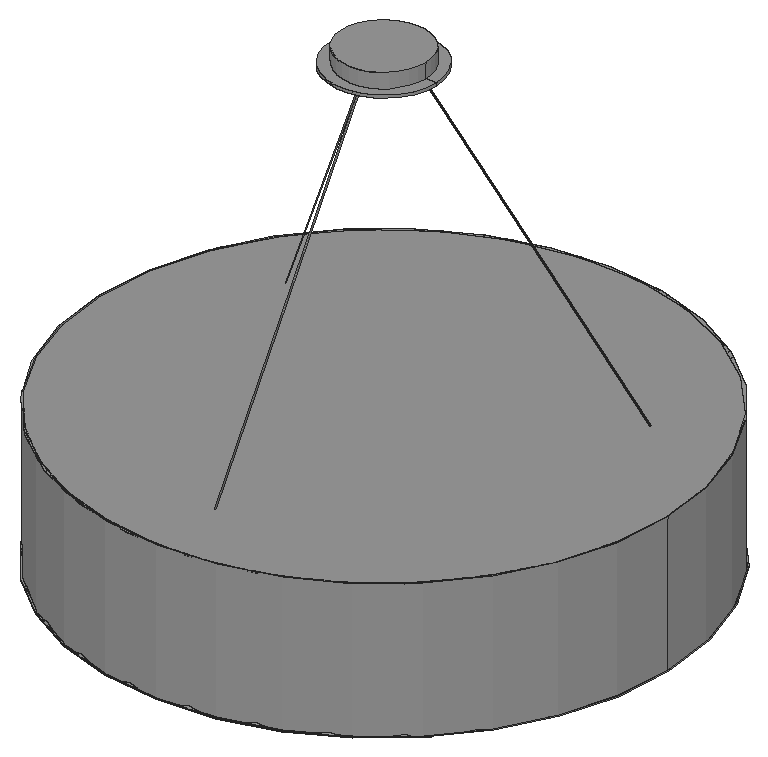
Revit family "Artemide_Tagora_Suspended_970", category Lighting Fixtures, Revit 2018
Family settings
  Round Connector Dimension = Use Diameter
  Part Type = Normal
  Work Plane-Based = Yes
  Always vertical = Yes
  Cut with Voids When Loaded = No
  Light Source = Yes
  Shared = No
  Room Calculation Point = No
Parameters (values of type "Tagora_Suspended_970_DirectEmission_Dimmable_Beige/White_M248921")
  Wattage = 84 W
  built-in parameter 1150110 = 1 (stored number, unit not read)
  Voltage = "-"
  built-in parameter 1114217 = 1 (stored number, unit not read)
  Tilt Angle = 90.00°
  built-in parameter 1150109 = 1 (stored number, unit not read)
  built-in parameter 1150134 = 12
  built-in parameter 1150113 = 1 (stored number, unit not read)
  Radius_InternalCylinder = Radius_ExternalCyilinder - 2 mm  # 483 mm
  Radius_ExternalCyilinder = 485 mm
  Product Range = "Tagora"
  Photometric Web File = "M248921.IES"
  Max Height from ceiling = 2000 mm
  M_HousingCylinder = Artemide_Aluminum_Beige
  M_Housing = Artemide_Aluminum_White
  M_Fixings = Artemide_Aluminum_Anodized
  M_Diffuser = Artemide_Glass_LightBulb
  built-in parameter 1150105 = 511.3 (stored number, unit not read)
  Lumens = 6425.16 lm
  built-in parameter 1150115 = 1 (stored number, unit not read)
  built-in parameter 1150137 = (empty or 0)
  built-in parameter 1150139 = (empty or 0)
  built-in parameter 1150112 = 1 (stored number, unit not read)
  built-in parameter 1150114 = 1 (stored number, unit not read)
  built-in parameter 1150132 = (empty or 0)
  built-in parameter 1150102 = (empty or 0)
  built-in parameter 1150107 = 4000 (stored number, unit not read)
  built-in parameter 1150138 = (empty or 0)
  built-in parameter 1150106 = 5.113 (stored number, unit not read)
  IfcExportType = "NOT DEFINED"  # constant formula
  IfcExportAs = "IfcLightFixtureType"  # constant formula
  Weekly = "-"
  Warranty ID = "https://cloud.artemide.com/5-years-warranty"
  Upward Component  = 0
  Unified Glare Rating  = "-"
  Uniclass 2015 = "Pr_70_70_48"  # constant formula
  URL to O&M Manual = "https://www.artemide.com/contents/documenti/prodotto/tagora_sospensione_970_instructions2534993.pdf"
  URL to Energy Technology List = "-"
  Trim Material = "-"
  Trim Finish = "-"
  Trim Colour  = "-"
  Total Power = 0
  Total Light Output  = 0
  Testing method = "-"
  Supply Phase = 0
  Suitable for Photocell Control = "-"
  Suitable for Motion Detector Control = "N"
  Suitable for Dimming  = "Y"
  Suitable Dimmer Type = "DALI"
  Standards = "-"
  Shipping Weight = 0
  Service life  = "-"
  Secondary Rated Lamp Life = 0
  Secondary Lamp Voltage = 0
  Secondary Lamp International Type Code = "-"
  Secondary Lamp Initial Lumens  = 0
  Secondary Lamp Included = "-"
  Secondary Lamp Efficacy = 0
  Secondary Lamp Colour Temperature = 0
  Secondary Lamp Colour Rendering Index = 0
  Secondary Lamp Cap = "-"
  Secondary Lamp = "-"
  Responsible Sourcing of Materials = "-"
  Responsible Extraction of Materials = "-"
  Reflector Material = "-"
  Reflector Finish = "-"
  Rated Lamp Life = 50000
  Quarterly = "-"
  Product Model Number = "M248921"
  Product Literature = "https://www.artemide.com/en/subfamily/1688096/tagora-suspension-970"
  Primary Lamp Type = "LED"
  Power Supply Kit = "-"
  Power Factor = 0
  Photocell = "-"
  Overall Width = 0
  Overall Light Output Ratio = 0
  Overall Length = 970
  Overall Height = 230
  Output Lumens Indirect light = 0
  Output Lumens Direct light = 6425
  Number of Secondary Lamps = 0
  Number of Primary Lamps = 1
  Number of Poles = 0
  Motion Sensor = "-"
  Motion Detector = "-"
  Monthly = "-"
  Minimum Operating Temperature = 0
  Maximum Operating Temperature = 0
  Material Ingredient Reporting = "-"
  Manufacturer Website = "https://www.artemide.com"
  Manufacturer = "Artemide"
  Maintenance Required: 8001-12000hrs  = "-"
  Maintenance Required: 601-1000hrs = "-"
  Maintenance Required: 4001-8000hrs  = "-"
  Maintenance Required: 301-600hrs  = "-"
  Maintenance Required: 2001-4000hrs  = "-"
  Maintenance Required: 1001-2000hrs  = "-"
  Maintenance Required: 0-300hrs  = "-"
  Luminance at 65deg Angle = 0
  Luminaire Type = "Pendant"
  Luminaire Maintenance Factor = 0
  Luminaire Cleaning Interval  = "-"
  Louvre/Lens = "-"
  Location of Manufacturer = "-"
  Light Output Pattern = "-"
  Light Fixture Mounting Type = "Suspended"
  Life Cycle Analysis = "-"
  Lamp Survival Factor = "-"
  Lamp Replacement Interval = "-"
  Lamp Included = "Y"
  Lamp Holder Material = "-"
  Lamp Cap = "LED Integrated"
  LED lifetime = 50000
  LED Maintained Colour Variation         = 0
  LED Initial Colour Variation                      = 0
  International Type Code = "-"
  Intended Market = "Unset"
  Integral Fuse or Circuit Protection  = "-"
  Integral Emergency Lighting Battery Type = "-"
  Input Lumens Indirect light = 0
  Input Lumens Direct light = 11898.8
  Initial Lumens = 6425
  Infills = "-"
  IP Rating = "IP20"
  IK Rating = "-"
  IES Files  = "https://www.artemide.com/product/downloadFile/1731152/ieseu/4887765"
  Housing Material = "Aluminium"
  Housing Finish  = "Painted"
  Housing Colour  = "Beige/White"
  Hazardous Area Protection Type = "-"
  Hazardous Area Category = "-"
  Gross Weight = 21
  Green Guide for Specification = "-"
  Gasket Material = "-"
  Frequency  = 0
  Fixings = "-"
  Fixing Material = "-"
  Fire Shroud = "-"
  Fire Rating Duration = 0
  Fire Rated Temperature = 0
  Fire Rated = "-"
  Features = "Any additional components/accessories included in this file are required to complete the product/configuration and must be ordered separately.Please check the catalogue/dedicated brochure for more information"
  Face Width = 0
  Face Shape = "Cylindrical"
  Face Length = 0
  External Control Line Voltage = 0
  Expected Life = "-"
  Environmental Product Declaration = "-"
  End Caps/Transition Caps/Joints = "-"
  Emit from Circle Diameter = 878.4 mm
  Emit Shape Visible in Rendering = no
  Emergency light output percentage = 0
  Emergency Lighting Battery = "-"
  Emergency Charging Power       = 0
  Emergency = "N"
  Embodied Carbon  = 0
  Efficiency = 54
  built-in parameter 1150104 = 7.1062 (stored number, unit not read)
  Earth Point  = "-"
  ENEC Certification of European conformity = "N"
  Duration of Integral Emergency Lighting  = 0
  Drive Current                                          = 0
  Downward Component = 0
  Distance_LampFromCeilingMax [instance] = if(Distance_LampFromCeiling < Max Height from ceiling, Distance_LampFromCeiling, Max Height from ceiling)  # 550.4 mm
  Distance_LampFromCeiling [instance] = 550.4 mm
  Distance_HeightLamp = 235 mm
  Dimming Lamp Color Temperature Shift = <None>
  Diffusing screen = "-"
  Diffuser Material  = "-"
  Diffuser Finish = "-"
  Designed by = "S./R. Cornelissen"
  Default Elevation = 1219.2 mm
  Daylight Sensor = "-"
  Daily = "-"
  Cut Out Width = 0
  Cut Out Length = 0
  Current  = 0
  Control Gear Type = "-"
  Control Gear Standby Power  = 0
  Control Gear Required = "-"
  Control Gear Location = "-"
  Column = "-"
  Colour Temperature = 4000
  Colour Rendering Index = 80
  Color Filter = 16777215
  Cable Material = "-"
  CE Approval = "Y"
  Bespoke Timeframe = "-"
  Beam Angle Transverse Axis  = 0.00°
  Beam Angle Longditudinal Axis  = 0.00°
  Basis of lifetime luminaire failures        = 0
  Basis of lifetime lumen depreciation   = 0
  built-in parameter 1114218 = 1 (stored number, unit not read)
  built-in parameter 1150133 = 10 (stored number, unit not read)
  Application Environment = "Internal"
  Annually = "-"
  Ambient Temperature                             = 0
  Air Handling = "-"
  Access Clearance Top = 0
  Access Clearance Right = 0
  Access Clearance Rear = 0
  Access Clearance Left = 0
  Access Clearance Front = 0
  Access Clearance Bottom = 0
  6 Monthly = "-"
Types (20, lengths in mm): name | Wattage | built-in parameter 1150134 | Photometric Web File | M_HousingCylinder | M_Housing | built-in parameter 1150105 | Lumens | built-in parameter 1150107 | built-in parameter 1150106 | Product Model Number | Output Lumens Direct light | Input Lumens Direct light | Initial Lumens | IES Files  | Housing Colour  | Efficiency | built-in parameter 1150104 | Colour Temperature
  Tagora_Suspended_970_DirectEmission_Dimmable_Beige/White_M248821 | 84 W | (empty or 0) | "M248821.IES" | Artemide_Aluminum_Beige | Artemide_Aluminum_White | 511.3 (stored number, unit not read) | 6425.16 lm | 3000 (stored number, unit not read) | 5.113 (stored number, unit not read) | "M248821" | 6425 | 11898.8 | 6425 | "https://www.artemide.com/product/downloadFile/1730646/ieseu/4887826" | "Beige/White" | 54 | 7.1062 (stored number, unit not read) | 3000
  Tagora_Suspended_970_DirectEmission_Dimmable_Beige/White_M248921 | 84 W | 12 | "M248921.IES" | Artemide_Aluminum_Beige | Artemide_Aluminum_White | 511.3 (stored number, unit not read) | 6425.16 lm | 4000 (stored number, unit not read) | 5.113 (stored number, unit not read) | "M248921" | 6425 | 11898.8 | 6425 | "https://www.artemide.com/product/downloadFile/1731152/ieseu/4887765" | "Beige/White" | 54 | 7.1062 (stored number, unit not read) | 4000
  Tagora_Suspended_970_Direct+IndirectEmission_Dimmable_Beige/White_M250821 | 95 W | (empty or 0) | "M250821.IES" | Artemide_Aluminum_Beige | Artemide_Aluminum_White | 632.61 (stored number, unit not read) | 7949.6 lm | 3000 (stored number, unit not read) | 6.3261 (stored number, unit not read) | "M250821" | 7950 | 15288 | 7950 | "https://www.artemide.com/product/downloadFile/1731555/ieseu/4887630" | "Beige/White" | 52 | 7.7741 (stored number, unit not read) | 3000
  Tagora_Suspended_970_Direct+IndirectEmission_Dimmable_Beige/White_M250921 | 95 W | 12 | "M250921.IES" | Artemide_Aluminum_Beige | Artemide_Aluminum_White | 632.61 (stored number, unit not read) | 7949.6 lm | 4000 (stored number, unit not read) | 6.3261 (stored number, unit not read) | "M250921" | 7950 | 15288 | 7950 | "https://www.artemide.com/product/downloadFile/1732044/ieseu/4887638" | "Beige/White" | 52 | 7.7741 (stored number, unit not read) | 4000
  Tagora_Suspended_970_DirectEmission_Dimmable_Grey/White_M248961 | 84 W | 12 | "M248961.IES" | Artemide_Aluminum_Grey | Artemide_Aluminum_White | 511.3 (stored number, unit not read) | 6425.16 lm | 4000 (stored number, unit not read) | 5.113 (stored number, unit not read) | "M248961" | 6425 | 11898.8 | 6425 | "https://www.artemide.com/product/downloadFile/1731018/ieseu/4887671" | "Grey/White" | 54 | 7.1062 (stored number, unit not read) | 4000
  Tagora_Suspended_970_DirectEmission_Dimmable_Grey/White_M248861 | 84 W | (empty or 0) | "M248861.IES" | Artemide_Aluminum_Grey | Artemide_Aluminum_White | 511.3 (stored number, unit not read) | 6425.16 lm | 3000 (stored number, unit not read) | 5.113 (stored number, unit not read) | "M248861" | 6425 | 11898.8 | 6425 | "https://www.artemide.com/product/downloadFile/1731421/ieseu/4887625" | "Grey/White" | 54 | 7.1062 (stored number, unit not read) | 3000
  Tagora_Suspended_970_Direct+IndirectEmission_Dimmable_Grey/White_M250861 | 95 W | (empty or 0) | "M250861.IES" | Artemide_Aluminum_Grey | Artemide_Aluminum_White | 632.61 (stored number, unit not read) | 7949.6 lm | 3000 (stored number, unit not read) | 6.3261 (stored number, unit not read) | "M250861" | 7950 | 15288 | 7950 | "https://www.artemide.com/product/downloadFile/1730512/ieseu/4887628" | "Grey/White" | 52 | 7.7741 (stored number, unit not read) | 3000
  Tagora_Suspended_970_Direct+IndirectEmission_Dimmable_Grey/White_M250961 | 95 W | 12 | "M250961.IES" | Artemide_Aluminum_Grey | Artemide_Aluminum_White | 632.61 (stored number, unit not read) | 7949.6 lm | 4000 (stored number, unit not read) | 6.3261 (stored number, unit not read) | "M250961" | 7950 | 15288 | 7950 | "https://www.artemide.com/product/downloadFile/1731910/ieseu/4887878" | "Grey/White" | 52 | 7.7741 (stored number, unit not read) | 4000
  Tagora_Suspended_970_DirectEmission_Dimmable_Black/Orange_M248811 | 84 W | (empty or 0) | "M248811.IES" | Artemide_Aluminum_Black | Artemide_Aluminum_Orange | 511.3 (stored number, unit not read) | 6425.16 lm | 3000 (stored number, unit not read) | 5.113 (stored number, unit not read) | "M248811" | 6425 | 11898.8 | 6425 | "https://www.artemide.com/product/downloadFile/1730290/ieseu/4887613" | "Black/Orange" | 54 | 7.1062 (stored number, unit not read) | 3000
  Tagora_Suspended_970_DirectEmission_Dimmable_Black/Orange_M248911 | 84 W | 12 | "M248911.IES" | Artemide_Aluminum_Black | Artemide_Aluminum_Orange | 511.3 (stored number, unit not read) | 6425.16 lm | 4000 (stored number, unit not read) | 5.113 (stored number, unit not read) | "M248911" | 6425 | 11898.8 | 6425 | "https://www.artemide.com/product/downloadFile/1730884/ieseu/4887731" | "Black/Orange" | 54 | 7.1062 (stored number, unit not read) | 4000
  Tagora_Suspended_970_Direct+IndirectEmission_Dimmable_Black/Orange_M250811 | 95 W | (empty or 0) | "M250811.IES" | Artemide_Aluminum_Black | Artemide_Aluminum_Orange | 632.61 (stored number, unit not read) | 7949.6 lm | 3000 (stored number, unit not read) | 6.3261 (stored number, unit not read) | "M250811" | 7950 | 15288 | 7950 | "https://www.artemide.com/product/downloadFile/1731286/ieseu/4887960" | "Black/Orange" | 52 | 7.7741 (stored number, unit not read) | 3000
  Tagora_Suspended_970_Direct+IndirectEmission_Dimmable_Black/Orange_M250911 | 95 W | 12 | "M250911.IES" | Artemide_Aluminum_Black | Artemide_Aluminum_Orange | 632.61 (stored number, unit not read) | 7949.6 lm | 4000 (stored number, unit not read) | 6.3261 (stored number, unit not read) | "M250911" | 7950 | 15288 | 7950 | "https://www.artemide.com/product/downloadFile/1731776/ieseu/4887760" | "Black/Orange" | 52 | 7.7741 (stored number, unit not read) | 4000
  Tagora_Suspended_970_DirectEmission_Dimmable_Black/Blue_M248831 | 84 W | (empty or 0) | "M248831.IES" | Artemide_Aluminum_Black | Artemide_Aluminum_Blue | 511.3 (stored number, unit not read) | 6425.16 lm | 3000 (stored number, unit not read) | 5.113 (stored number, unit not read) | "M248831" | 6425 | 11898.8 | 6425 | "https://www.artemide.com/product/downloadFile/2533184/ieseu/4887679" | "Black/Blue" | 54 | 7.1062 (stored number, unit not read) | 3000
  Tagora_Suspended_970_DirectEmission_Dimmable_Black/Blue_M248931 | 84 W | 12 | "M248931.IES" | Artemide_Aluminum_Black | Artemide_Aluminum_Blue | 511.3 (stored number, unit not read) | 6425.16 lm | 4000 (stored number, unit not read) | 5.113 (stored number, unit not read) | "M248931" | 6425 | 11898.8 | 6425 | "https://www.artemide.com/product/downloadFile/2534836/ieseu/4887786" | "Black/Blue" | 54 | 7.1062 (stored number, unit not read) | 4000
  Tagora_Suspended_970_Direct+IndirectEmission_Dimmable_Black/Blue_M250831 | 95 W | (empty or 0) | "M250831.IES" | Artemide_Aluminum_Black | Artemide_Aluminum_Blue | 632.61 (stored number, unit not read) | 7949.6 lm | 3000 (stored number, unit not read) | 6.3261 (stored number, unit not read) | "M250831" | 7950 | 15288 | 7950 | "https://www.artemide.com/product/downloadFile/2535348/ieseu/4887780" | "Black/Blue" | 52 | 7.7741 (stored number, unit not read) | 3000
  Tagora_Suspended_970_Direct+IndirectEmission_Dimmable_Black/Blue_M250931 | 95 W | 12 | "M250931.IES" | Artemide_Aluminum_Black | Artemide_Aluminum_Blue | 632.61 (stored number, unit not read) | 7949.6 lm | 4000 (stored number, unit not read) | 6.3261 (stored number, unit not read) | "M250931" | 7950 | 15288 | 7950 | "https://www.artemide.com/product/downloadFile/2535722/ieseu/4887918" | "Black/Blue" | 52 | 7.7741 (stored number, unit not read) | 4000
  Tagora_Suspended_970_DirectEmission_Dimmable_Black/Green_M248841 | 84 W | (empty or 0) | "M248841.IES" | Artemide_Aluminum_Black | Artemide_Aluminum_Green | 511.3 (stored number, unit not read) | 6425.16 lm | 3000 (stored number, unit not read) | 5.113 (stored number, unit not read) | "M248841" | 6425 | 11898.8 | 6425 | "https://www.artemide.com/product/downloadFile/2533000/ieseu/4887772" | "Black/Green" | 54 | 7.1062 (stored number, unit not read) | 3000
  Tagora_Suspended_970_DirectEmission_Dimmable_Black/Green_M248941 | 84 W | 12 | "M248941.IES" | Artemide_Aluminum_Black | Artemide_Aluminum_Green | 511.3 (stored number, unit not read) | 6425.16 lm | 4000 (stored number, unit not read) | 5.113 (stored number, unit not read) | "M248941" | 6425 | 11898.8 | 6425 | "https://www.artemide.com/product/downloadFile/2534662/ieseu/4887819" | "Black/Green" | 54 | 7.1062 (stored number, unit not read) | 4000
  Tagora_Suspended_970_Direct+IndirectEmission_Dimmable_Black/Green_M250841 | 95 W | (empty or 0) | "M250841.IES" | Artemide_Aluminum_Black | Artemide_Aluminum_Green | 632.61 (stored number, unit not read) | 7949.6 lm | 3000 (stored number, unit not read) | 6.3261 (stored number, unit not read) | "M250841" | 7950 | 15288 | 7950 | "https://www.artemide.com/product/downloadFile/2535034/ieseu/4887677" | "Black/Green" | 52 | 7.7741 (stored number, unit not read) | 3000
  Tagora_Suspended_970_Direct+IndirectEmission_Dimmable_Black/Green_M250941 | 95 W | 12 | "M250941.IES" | Artemide_Aluminum_Black | Artemide_Aluminum_Green | 632.61 (stored number, unit not read) | 7949.6 lm | 4000 (stored number, unit not read) | 6.3261 (stored number, unit not read) | "M250941" | 7950 | 15288 | 7950 | "https://www.artemide.com/product/downloadFile/2535536/ieseu/4887589" | "Black/Green" | 52 | 7.7741 (stored number, unit not read) | 4000
Reference planes
  plane 1 "Center (Front/Back)": y = 0
  plane 2 "Top Fixings": z = 0
  plane 3 "Center (Left/Right)": x = 0
  plane 4 "Bottom Internal Cone": z = -783.9
  plane 5: z = -687.4
  plane 6: z = -662.503
  plane 7 "Top Internal Cone": z = -641.9
  plane 8 "Center L/T": z = -661.235
  plane 9 "Bottom Lamp": z = -785.4
  plane 10 "Light": z = -674.713
  plane 11 "Middle Fixings": z = -24.501
  plane 12: z = -690.4
  plane 13 "Bottom Fixings": z = -45.852
  plane 14 "Top Lamp": z = -550.4
  plane 15 "Center L/Y": z = -552.4
  plane 16 "Center L/Z": z = -40.812
  plane 17: y = -50.491
  plane 18: y = -359.463
Forms (mm)
  Extrusion 1, solid, material "Artemide_Aluminum_Beige" <- "M_HousingCylinder"
    sketch origin (0, 0, 0) x (1, 0, 0) y (0, 1, 0)
      loop
        circle (0, 0) r 485
      loop
        circle (0, 0) r 483
    from -783.9 to -550.4
  Extrusion 2, solid, material "Artemide_Aluminum_Beige" <- "M_HousingCylinder"
    sketch origin (0, 0, 0) x (1, 0, 0) y (0, 1, 0)
      loop
        circle (0, 0) r 483
    from -552.4 to -550.4
  Revolve 3, solid, material "Artemide_Aluminum_White" <- "M_Housing"
    sketch origin (0, 0, -680) x (1, 0, 0) y (0, 0, 1)
      loop
        line (-427.411, 38.1) -> (-427.411, 17.497) -> (0, 17.497) -> (0, 18.765) -> (-425.911, 18.765) -> (-425.911, 38.1) -> (-427.411, 38.1)
      axis (0, 38.1) -> (0, 17.497)
    angle from 0 to 360
  Revolve 4, solid, material "Artemide_Aluminum_White" <- "M_Housing"
    sketch origin (0, 0, -680) x (1, 0, 0) y (0, 0, 1)
      loop
        line (-427.411, 18.765) -> (-484.611, -103.9) -> (-486.5, -103.9) -> (-486.5, -105.4) -> (-483.545, -105.4) -> (-425.646, 18.765) -> (-427.411, 18.765)
      axis (0, 18.765) -> (0, -105.4)
    angle from 0 to 360
  Revolve 5, solid, material "Artemide_Glass_LightBulb" <- "M_Diffuser"
    sketch origin (0, 0, -680) x (1, 0, 0) y (0, 0, 1)
      loop
        line (0, -7.4) -> (-437.816, -7.4) -> (-439.215, -10.4) -> (0, -10.4) -> (0, -7.4)
      axis (0, -7.4) -> (0, -10.4)
    angle from 0 to 360
  Extrusion 6, solid, material "Artemide_Aluminum_Anodized" <- "M_Fixings"
    sketch origin (0, 0, 0) x (1, 0, 0) y (0, 1, 0)
      loop
        circle (0, 0) r 71.65
    from -24.501 to 0
  Revolve 7, solid, material "Artemide_Aluminum_Anodized" <- "M_Fixings"
    sketch origin (0, 0, 0) x (1, 0, 0) y (0, 0, 1)
      loop
        line (-90, -24.501) -> (-89.921, -29.046)
        arc (-89.921, -29.046) -> (-45.76, -41.729) -> (0, -45.852) r 242.38
        line (0, -45.852) -> (0, -24.501) -> (-90, -24.501)
      axis (0, -24.501) -> (0, -45.852)
    angle from 0 to 360
  Sweep 8, solid, material "Artemide_Aluminum_Anodized" <- "M_Fixings"
    path origin (0, 0, 0) x (0, 1, 0) y (0, 0, 1)
      loop
        line (-50.491, -40.812) -> (-359.463, -550.4)
    profile origin (0, -204.977, -295.606) x (0, 0.8551, -0.518462) y (1, 0, 0)
      loop
        circle (0, 0) r 0.4
  Sweep 9, solid, material "Artemide_Aluminum_Anodized" <- "M_Fixings"
    path origin (0, 0, 0) x (-0.866025, -0.5, 0) y (0, 0, 1)
      loop
        line (-50.491, -40.812) -> (-359.463, -550.4)
    profile origin (177.515, 102.488, -295.606) x (-0.740539, -0.42755, -0.518462) y (-0.5, 0.866025, 0)
      loop
        circle (0, 0) r 0.4
  Sweep 10, solid, material "Artemide_Aluminum_Anodized" <- "M_Fixings"
    path origin (0, 0, 0) x (0.866025, -0.5, 0) y (0, 0, -1)
      loop
        line (-50.491, 40.812) -> (-359.463, 550.4)
    profile origin (-177.515, 102.488, -295.606) x (-0.740539, 0.42755, 0.518462) y (0.5, 0.866025, 0)
      loop
        circle (0, 0) r 0.4
Dimensions and locks
  locked: plane 4 "Bottom Internal Cone" to plane 9 "Bottom Lamp" at 1.5
  locked: plane 12 to plane 4 "Bottom Internal Cone" at 93.5
  locked: plane 5 to plane 12 at 3
  locked: plane 8 "Center L/T" to plane 6 at 1.268
  locked: plane 7 "Top Internal Cone" to plane 8 "Center L/T" at 19.335
  locked: plane 6 to plane 10 "Light" at 12.21
  locked: plane 10 "Light" to plane 5 at 12.687
  "Distance_HeightLamp": plane 14 "Top Lamp" to plane 9 "Bottom Lamp"
  locked: plane 14 "Top Lamp" to plane 15 "Center L/Y" at 2
  "Distance_LampFromCeilingMax": plane 2 "Top Fixings" to plane 14 "Top Lamp"
  locked: plane 2 "Top Fixings" to plane 11 "Middle Fixings" at 24.501
  locked: plane 11 "Middle Fixings" to plane 13 "Bottom Fixings" at 21.351
  locked: plane 16 "Center L/Z" to plane 13 "Bottom Fixings" at 5.04
  locked: plane 1 "Center (Front/Back)" to plane 17 at 50.491
  locked: plane 17 to plane 18 at 308.972
  "Radius_ExternalCyilinder": radius of Extrusion 1 sketch curve
  "Radius_InternalCylinder": radius of Extrusion 1 sketch curve
  "Radius_InternalCylinder": radius of Extrusion 2 sketch curve
  aligned and locked: level to plane 2 "Top Fixings"
  aligned and locked: plane 3 "Center (Left/Right)" to imposter light
  aligned and locked: imposter light to plane 1 "Center (Front/Back)"
  aligned and locked: plane 3 "Center (Left/Right)" to Extrusion 1 sketch curve  (x2)
  aligned and locked: plane 1 "Center (Front/Back)" to Extrusion 1 sketch curve  (x2)
  aligned and locked: Extrusion 1 to plane 4 "Bottom Internal Cone"
  aligned and locked: plane 3 "Center (Left/Right)" to Extrusion 2 sketch curve
  aligned and locked: plane 1 "Center (Front/Back)" to Extrusion 2 sketch curve
  aligned and locked: Revolve 3 sketch curve to plane 7 "Top Internal Cone"
  aligned and locked: Revolve 3 sketch curve to plane 8 "Center L/T"
  aligned and locked: plane 6 to Revolve 3 sketch curve
  aligned and locked: Revolve 3 sketch curve to plane 3 "Center (Left/Right)"
  aligned and locked: Revolve 4 sketch curve to plane 8 "Center L/T"
  aligned and locked: plane 4 "Bottom Internal Cone" to Revolve 4 sketch curve
  aligned and locked: Revolve 4 sketch curve to plane 9 "Bottom Lamp"
  aligned and locked: Revolve 4 sketch curve to plane 3 "Center (Left/Right)"
  aligned and locked: plane 5 to Revolve 5 sketch curve
  aligned and locked: Revolve 5 sketch curve to plane 12
  aligned and locked: Revolve 5 sketch curve to plane 3 "Center (Left/Right)"
  aligned and locked: plane 14 "Top Lamp" to Extrusion 1
  aligned and locked: Extrusion 2 to plane 15 "Center L/Y"
  aligned and locked: plane 14 "Top Lamp" to Extrusion 2
  aligned and locked: plane 10 "Light" to imposter light
  aligned and locked: plane 3 "Center (Left/Right)" to Extrusion 6 sketch curve
  aligned and locked: plane 1 "Center (Front/Back)" to Extrusion 6 sketch curve
  aligned and locked: Extrusion 6 to plane 11 "Middle Fixings"
  aligned and locked: plane 2 "Top Fixings" to Extrusion 6
  aligned and locked: Revolve 7 sketch curve to plane 11 "Middle Fixings"
  aligned and locked: plane 13 "Bottom Fixings" to Revolve 7 sketch curve
  aligned and locked: Revolve 7 sketch curve to plane 3 "Center (Left/Right)"
  aligned and locked: plane 18 to Sweep 8 sketch curve
  aligned and locked: plane 14 "Top Lamp" to Sweep 8 sketch curve
  aligned and locked: plane 16 "Center L/Z" to Sweep 8 sketch curve
  aligned and locked: plane 17 to Sweep 8 sketch curve
Automatic sketch dimensions
  Revolve 3 sketch curve to plane 3 "Center (Left/Right)" = 0 mm
  Revolve 3 sketch curve to Revolve 3 sketch curve = 425.911 mm
  Revolve 3 sketch curve to Revolve 3 sketch curve = 1.5 mm
  Revolve 3 sketch curve to plane 9 "Bottom Lamp" = 1345.919 mm
  level to Revolve 3 sketch curve = 1534.315 mm
  Revolve 4 sketch curve to plane 3 "Center (Left/Right)" = 425.646 mm
  Revolve 4 sketch curve to Revolve 4 sketch curve = 1.765 mm
  Revolve 4 sketch curve to Revolve 4 sketch curve = 56.134 mm
  Revolve 4 sketch curve to Revolve 4 sketch curve = 1.066 mm
  Revolve 4 sketch curve to Revolve 4 sketch curve = 1.889 mm
  Revolve 4 sketch curve to plane 9 "Bottom Lamp" = 1345.919 mm
  level to Revolve 4 sketch curve = 1534.315 mm
  Revolve 5 sketch curve to plane 3 "Center (Left/Right)" = 0 mm
  Revolve 5 sketch curve to Revolve 5 sketch curve = 437.816 mm
  Revolve 5 sketch curve to Revolve 5 sketch curve = 1.399 mm
  Revolve 5 sketch curve to plane 9 "Bottom Lamp" = 1345.919 mm
  level to Revolve 5 sketch curve = 1534.315 mm
  Revolve 7 sketch curve to plane 3 "Center (Left/Right)" = 0 mm
  Revolve 7 sketch curve to plane 3 "Center (Left/Right)" = 1.231 mm
  Revolve 7 sketch curve to plane 11 "Middle Fixings" = 4.545 mm
  Revolve 7 sketch curve to plane 3 "Center (Left/Right)" = 89.921 mm
  Revolve 7 sketch curve to Revolve 7 sketch curve = 0.079 mm
  Revolve 7 sketch curve to plane 9 "Bottom Lamp" = 755.019 mm
  Revolve 7 sketch curve to Revolve 7 sketch curve = 2017.79 mm
  Sweep 8 sketch curve to plane 3 "Center (Left/Right)" = 0 mm
  Sweep 8 sketch curve to profile plane = 0 mm
  plane 14 "Top Lamp" to Sweep 9 sketch curve = 0 mm
  plane 16 "Center L/Z" to Sweep 9 sketch curve = 0 mm
  Sweep 9 sketch curve to Sweep 9 sketch curve = 308.972 mm
  profile plane to Sweep 9 sketch curve = 0 mm  (x2)
  plane 14 "Top Lamp" to Sweep 10 sketch curve = 0 mm
  plane 16 "Center L/Z" to Sweep 10 sketch curve = 0 mm
  Sweep 10 sketch curve to Sweep 10 sketch curve = 308.972 mm
  Sweep 10 sketch curve to profile plane = 0 mm
  profile plane to Sweep 10 sketch curve = 0 mm
  radius of Extrusion 6 sketch curve = 71.65 mm
  radius of Sweep 8 sketch curve = 0.4 mm
  radius of Sweep 9 sketch curve = 0.4 mm
  radius of Sweep 10 sketch curve = 0.4 mm
